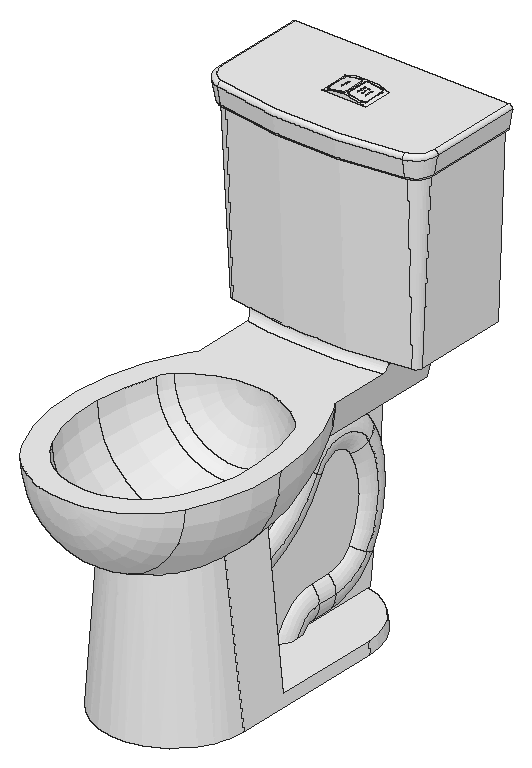
Revit family "Toilet_Elongated-Right_Height-American_Standard-Clean_Siphonic-3381.216", category Plumbing Fixtures, Revit 2014
Parameters (values of type "3381.216")
  Width = 15"
  Waste Connection Radius = 1"
  Waste Connection Diameter = Waste Connection Radius * 2  # 2"
  Waste Connection = yes
  Warranty Information = "5 Years Limited"
  WFU = 5
  Vent Connection = no
  URL = "http://www.americanstandard-us.com"
  Type Comments = ""
  Revised Date = "02/22/2017"
  Product Page URL = "https://www.americanstandard-us.com/bathroom/toilets/clean-dual-flush-right-height-elongated-1016-gpf-toilet-21837"
  Product Documentation Link = "https://www.americanstandard-us.com/-/media/sites/asus/files/product-specs/bulk/specsheet3381216.pdf?la=en"
  Price = "Prices may vary. Please consult Manufacturer Representative for most up-to-date price list."  # constant formula
  Model = "3381.216"
  Material = "Vitreous China-American Standard-020-White"
  Manufacturer = "American Standard"
  Length = 29 3/4"
  Installation Type = "Floor Mounted"
  Height = 31"
  HWFU = 0
  HW Connection = no
  Flush Rate = "(6.0 Lpf/1.6gpf) or (3.8 Lpf/1.0 gpf)"
  Description = "Clean Siphonic Dual Flush Right Height Elongated Complete Toilet"
  Default Elevation = 0"
  Creation Date = "12/11/2013"
  Cold Water Connection Radius = 1/4"
  Cold Water Connection Diameter = Cold Water Connection Radius * 2  # 1/2"
  CWFU = 5
  CW Connection = yes
  Bowl Shape = "Elongated"
  Assembly Code = "D2010110"
  Aquaguard Liner = yes
Types (3): name | Product Page URL | Product Documentation Link | Model | Height | Flush Rate | Description | Aquaguard Liner
  (no name) | "https://www.americanstandard-us.com/bathroom/toilets/clean-dual-flush-right-height-elongated-1016-gpf-toilet-21837" | "https://www.americanstandard-us.com/-/media/sites/asus/files/product-specs/bulk/specsheet3381216.pdf?la=en" | "3381.216" | 31" | "(6.0 Lpf/1.6gpf) or (3.8 Lpf/1.0 gpf)" | "Clean Siphonic Dual Flush Right Height Elongated Complete Toilet" | yes
  2887.218 | "https://www.americanstandard-us.com/bathroom/toilets/h2option-dual-flush-elongated-092128-gpf-toilet-24382" | "https://www.americanstandard-us.com/-/media/sites/asus/files/product-specs/bulk/specsheet2887218.pdf?la=en" | "2887.218" | 30" | "(4.8 Lpf/1.28gpf) or (3.4 Lpf/0.92 gpf)" | "H2Option Siphonic Dual Flush Elongated Toilet." | no
  3381.216 | "https://www.americanstandard-us.com/bathroom/toilets/clean-dual-flush-right-height-elongated-1016-gpf-toilet-21837" | "https://www.americanstandard-us.com/-/media/sites/asus/files/product-specs/bulk/specsheet3381216.pdf?la=en" | "3381.216" | 31" | "(6.0 Lpf/1.6gpf) or (3.8 Lpf/1.0 gpf)" | "Clean Siphonic Dual Flush Right Height Elongated Complete Toilet" | yes
Reference planes (in)
  plane 1 "Center (Front/Back)": y = 0
  plane 2: z = 0
  plane 3 "Center (Left/Right)": x = 0
  plane 4: y = -1
  plane 5: y = -12
  plane 6: y = -5
  plane 7: y = -25.25
  plane 8: z = 0.75
  plane 9: y = -9.5
  plane 10: x = 7.5
  plane 11: x = -7.5
  plane 12: x = 7
  plane 13: x = -7
  plane 14: x = -4.75
  plane 15: x = 4.75
  plane 16: z = 10
  plane 17: x = -6
  plane 18: y = -29.75
  plane 19: z = 16.5
  plane 20: z = 31
Forms (in)
  Sweep 1, solid, material "Vitreous China-American Standard-020-White"
    path origin (0, 0, 0) x (0, 1, 0) y (0, 0, 1)
      loop
        arc (-19.12544, 6.307) -> (-13.95239, 6.59667) -> (-10.15052, 10.11662) r 7.64958
        arc (-10.15052, 10.11662) -> (-7.97251, 11.46937) -> (-5.74427, 10.20109) r 2.50758
        arc (-5.74427, 10.20109) -> (-4.8907, 6.82422) -> (-5.88904, 3.48729) r 6.54943
        arc (-5.88904, 3.48729) -> (-7.04069, 2.39662) -> (-8.57645, 2) r 3.1716
        line (-8.57645, 2) -> (-10, 2)
        arc (-10, 2) -> (-11.41421, 1.41421) -> (-12, 0) r 2
        line (-12, 0) -> (-12, -0.03125)
    profile origin (0, -12, -0.01563) x (1, 0, 0) y (0, 1, 0)
      loop
        circle (0, 0) r 1.5
  Blend 2, solid, material "Vitreous China-American Standard-020-White"
    base sketch origin (0, 0.375, 0) x (1, 0, 0) y (0, 1, 0)
      loop
        line (-4.75, -17.375) -> (-4.75, -20.875)
        arc (-4.75, -20.875) -> (0, -25.625) -> (4.75, -20.875) r 4.75
        line (4.75, -20.875) -> (4.75, -17.375) -> (-4.75, -17.375)
    top sketch origin (0, 0.375, 0) x (1, 0, 0) y (0, 1, 0)
      loop
        arc (-3.75, -21.3125) -> (0, -25.0625) -> (3.75, -21.3125) r 3.75
        line (3.75, -21.3125) -> (3.75, -17.62103) -> (-3.75, -17.62103) -> (-3.75, -21.3125)
    from 0 to 11.25
  Sweep 3, solid, material "Vitreous China-American Standard-020-White"
    path origin (0, 0, 0) x (1, 0, 0) y (0, 1, 0)
      loop
        line (-4.75, -17.24603) -> (-4.75, -9.75)
        arc (-4.75, -9.75) -> (-3.35876, -6.39124) -> (0, -5) r 4.75
        arc (0, -5) -> (3.35876, -6.39124) -> (4.75, -9.75) r 4.75
        line (4.75, -9.75) -> (4.75, -17.24603)
    profile origin (-4.75, -13.49801, 0) x (-1, 0, 0) y (0, 0, 1)
      loop
        line (-0.06704, 0.75) -> (-0.81884, 0.75) -> (-0.81884, 0) -> (0, 0) -> (-0.06704, 0.75)
  Extrusion 4, solid, material "Vitreous China-American Standard-020-White"
    sketch origin (0, 0, 0) x (1, 0, 0) y (0, 1, 0)
      loop
        line (-3.93116, -9.75) -> (-3.93116, -17.24603) -> (3.93116, -17.24603) -> (3.93116, -9.75)
        arc (3.93116, -9.75) -> (2.77975, -6.97025) -> (0, -5.81884) r 3.93116
        arc (0, -5.81884) -> (-2.77975, -6.97025) -> (-3.93116, -9.75) r 3.93116
    from 0 to 0.75
  Extrusion 5, solid, material "Vitreous China-American Standard-020-White"
    sketch origin (-1, 0, 0) x (0, 1, 0) y (0, 0, 1)
      loop
        line (-3.96622, 16.5) -> (-9.5981, 16.5)
        arc (-9.5981, 16.5) -> (-13.24005, 11.93263) -> (-18.78964, 10.10871) r 10.21235
        line (-18.78964, 10.10871) -> (-18.78964, 0.75) -> (-5.06704, 0.75)
        arc (-5.06704, 0.75) -> (-4.12904, 8.59791) -> (-3.96622, 16.5) r 80.39055
    from 0 to 2
  Extrusion 6, solid
    sketch origin (0, 0, 0) x (1, 0, 0) y (0, 0, 1)
      loop
        circle (-6, 10) r 0.25
    from 0 to 0.03125
  Extrusion 7, solid, material "Vitreous China-American Standard-020-White"
    sketch origin (0, -4, -0.79474) x (1, 0, 0) y (0, 0, 1)
      loop
        line (-1.5, 31.5) -> (1.5, 31.5)
        arc (1.5, 31.5) -> (0, 31.75563) -> (-1.5, 31.5) r 4.52879
    from 0 to 2
  Extrusion 8, solid, material "Vitreous China-American Standard-020-White"
    sketch origin (0, 0, 30.77051) x (1, 0, 0) y (0, 1, 0)
      loop
        line (0.09613, -4.397) -> (0.09613, -5.63058)
        arc (0.09613, -5.63058) -> (0.15677, -5.77697) -> (0.30316, -5.83761) r 0.20703
        line (0.30316, -5.83761) -> (1.06097, -5.83761)
        arc (1.06097, -5.83761) -> (1.20737, -5.77697) -> (1.268, -5.63058) r 0.20703
        line (1.268, -5.63058) -> (1.268, -4.39554)
        arc (1.268, -4.39554) -> (1.20737, -4.24915) -> (1.06097, -4.18851) r 0.20703
        line (1.06097, -4.18851) -> (0.30462, -4.18851)
        arc (0.30462, -4.18851) -> (0.15719, -4.24957) -> (0.09613, -4.397) r 0.20849
      loop
        arc (-0.09613, -4.397) -> (-0.15719, -4.24957) -> (-0.30462, -4.18851) r 0.20849
        line (-0.30462, -4.18851) -> (-1.06097, -4.18851)
        arc (-1.06097, -4.18851) -> (-1.20737, -4.24915) -> (-1.268, -4.39554) r 0.20703
        line (-1.268, -4.39554) -> (-1.268, -5.63058)
        arc (-1.268, -5.63058) -> (-1.20737, -5.77697) -> (-1.06097, -5.83761) r 0.20703
        line (-1.06097, -5.83761) -> (-0.30316, -5.83761)
        arc (-0.30316, -5.83761) -> (-0.15677, -5.77697) -> (-0.09613, -5.63058) r 0.20703
        line (-0.09613, -5.63058) -> (-0.09613, -4.397)
      loop
        circle (-0.68207, -5) r 0.04688
      loop
        circle (-0.68207, -5.25) r 0.04688
      loop
        circle (-0.68207, -4.75) r 0.04688
      loop
        circle (0.68207, -5) r 0.04688
      loop
        circle (0.68207, -5.25) r 0.04688
      loop
        circle (0.68207, -4.75) r 0.04688
      loop
        circle (0.43207, -5) r 0.04688
      loop
        circle (0.43207, -5.25) r 0.04688
      loop
        circle (0.43207, -4.75) r 0.04688
      loop
        circle (0.93207, -5) r 0.04688
      loop
        circle (0.93207, -5.25) r 0.04688
      loop
        circle (0.93207, -4.75) r 0.04688
    from 0 to 0.22949
  Extrusion 9, void
    sketch origin (0, -4, -0.69703) x (1, 0, 0) y (0, 0, 1)
      loop
        arc (-1.5, 31.40548) -> (0.00022, 31.65982) -> (1.5, 31.40291) r 4.52879
        line (1.5, 31.40291) -> (1.5, 31.90229) -> (-1.5, 31.90229) -> (-1.5, 31.40548)
    from 0 to 2
  Revolve 10, solid, material "Vitreous China-American Standard-020-White"
    sketch origin (0, -56.62348, 16.5) x (-1, 0, 0) y (0, -1, 0)
      loop
        arc (-5.57617, -30.16841) -> (-6.71948, -33.24097) -> (-7, -36.50732) r 12.15415
        arc (-7, -36.50732) -> (-6.40061, -40.13217) -> (-4.99558, -43.52699) r 16.11172
        arc (-4.99558, -43.52699) -> (-2.89847, -45.67803) -> (0, -46.46783) r 5.7134
        line (0, -46.46783) -> (0, -42.90581)
        arc (0, -42.90581) -> (-2.23093, -42.49218) -> (-4.1667, -41.30856) r 6.2431
        arc (-4.1667, -41.30856) -> (-4.49736, -40.9258) -> (-4.72141, -40.47232) r 2
        arc (-4.72141, -40.47232) -> (-5.2545, -38.48023) -> (-5.50185, -36.43294) r 14.61172
        arc (-5.50185, -36.43294) -> (-5.3059, -33.80443) -> (-4.47065, -31.30447) r 10.65415
        arc (-4.47065, -31.30447) -> (-2.64394, -29.21857) -> (0, -28.38342) r 5.14561
        line (0, -28.38342) -> (0, -26.87348)
        arc (0, -26.87348) -> (-3.24899, -27.74093) -> (-5.57617, -30.16841) r 6.24072
      axis (0, -26.87348) -> (0, -46.46783)
    angle from 0 to 180
  Revolve 11, void
    sketch origin (0, 0, 16.5) x (1, 0, 0) y (0, 1, 0)
      loop
        arc (5.62685, -20.19054) -> (5.3795, -18.14325) -> (4.84641, -16.15117) r 14.61172
        arc (4.84641, -16.15117) -> (4.62236, -15.69769) -> (4.2917, -15.31492) r 2
        arc (4.2917, -15.31492) -> (2.29746, -14.10922) -> (0, -13.71884) r 6.2431
        line (0, -13.71884) -> (0, -28.24269)
        arc (0, -28.24269) -> (2.7164, -27.43879) -> (4.59565, -25.31902) r 5.14561
        arc (4.59565, -25.31902) -> (5.4309, -22.81905) -> (5.62685, -20.19054) r 10.65415
      axis (0, -13.71884) -> (0, -28.24269)
    angle from 0 to 180
  Blend 12, solid, material "Vitreous China-American Standard-020-White"
    base sketch origin (0, 0, 1) x (1, 0, 0) y (0, 1, 0)
      loop
        line (7, -1) -> (-7, -1) -> (-7, -7.36636)
        arc (-7, -7.36636) -> (-6.77746, -7.99529) -> (-6.20888, -8.3443) r 1
        arc (-6.20888, -8.3443) -> (0, -9) -> (6.20888, -8.3443) r 29.72414
        arc (6.20888, -8.3443) -> (6.77746, -7.99529) -> (7, -7.36636) r 1
        line (7, -7.36636) -> (7, -1)
    top sketch origin (0, 0, 1) x (1, 0, 0) y (0, 1, 0)
      loop
        line (6.5, -1) -> (-6.5, -1) -> (-6.5, -7.36636)
        arc (-6.5, -7.36636) -> (-6.38873, -7.68083) -> (-6.10444, -7.85533) r 0.5
        arc (-6.10444, -7.85533) -> (0, -8.5) -> (6.10444, -7.85533) r 29.22414
        arc (6.10444, -7.85533) -> (6.38873, -7.68083) -> (6.5, -7.36636) r 0.5
        line (6.5, -7.36636) -> (6.5, -1)
    from 28.10757 to 16.10941
  Extrusion 13, void
    sketch origin (0, 0, 31.89276) x (1, 0, 0) y (0, 1, 0)
      loop
        line (0.06488, -4.36575) -> (0.06488, -5.66183)
        arc (0.06488, -5.66183) -> (0.12552, -5.80822) -> (0.27191, -5.86886) r 0.20703
        line (0.27191, -5.86886) -> (1.09222, -5.86886)
        arc (1.09222, -5.86886) -> (1.23862, -5.80822) -> (1.29925, -5.66183) r 0.20703
        line (1.29925, -5.66183) -> (1.29925, -4.36429)
        arc (1.29925, -4.36429) -> (1.23862, -4.2179) -> (1.09222, -4.15726) r 0.20703
        line (1.09222, -4.15726) -> (0.27337, -4.15726)
        arc (0.27337, -4.15726) -> (0.12594, -4.21832) -> (0.06488, -4.36575) r 0.20849
      loop
        arc (-0.06488, -4.36575) -> (-0.12594, -4.21832) -> (-0.27337, -4.15726) r 0.20849
        line (-0.27337, -4.15726) -> (-1.09222, -4.15726)
        arc (-1.09222, -4.15726) -> (-1.23862, -4.2179) -> (-1.29925, -4.36429) r 0.20703
        line (-1.29925, -4.36429) -> (-1.29925, -5.66183)
        arc (-1.29925, -5.66183) -> (-1.23862, -5.80822) -> (-1.09222, -5.86886) r 0.20703
        line (-1.09222, -5.86886) -> (-0.27191, -5.86886)
        arc (-0.27191, -5.86886) -> (-0.12552, -5.80822) -> (-0.06488, -5.66183) r 0.20703
        line (-0.06488, -5.66183) -> (-0.06488, -4.36575)
    from -1.12225 to -0.89276
  Sweep 14, solid, material "Vitreous China-American Standard-020-White"
    path origin (0, 0, -0.29474) x (1, 0, 0) y (0, 1, 0)
      loop
        line (7.5, -1) -> (7.5, -7.36636)
        arc (7.5, -7.36636) -> (7.16619, -8.30976) -> (6.31333, -8.83327) r 1.5
        arc (6.31333, -8.83327) -> (0, -9.5) -> (-6.31333, -8.83327) r 30.22414
        arc (-6.31333, -8.83327) -> (-7.16619, -8.30976) -> (-7.5, -7.36636) r 1.5
        line (-7.5, -7.36636) -> (-7.5, -1)
    profile origin (-7.5, -4.18318, -0.29474) x (-1, 0, 0) y (0, 0, 1)
      loop
        line (-0.33866, 31) -> (-0.33866, 29.40232)
        arc (-0.33866, 29.40232) -> (-0.25832, 29.43156) -> (-0.21556, 29.50561) r 0.125
        line (-0.21556, 29.50561) -> (-0.0038, 30.70659)
        arc (-0.0038, 30.70659) -> (-0.05849, 30.9107) -> (-0.25, 31) r 0.25
        line (-0.25, 31) -> (-0.33866, 31)
  Extrusion 15, solid, material "Vitreous China-American Standard-020-White"
    sketch origin (0, 0, -0.29474) x (1, 0, 0) y (0, 1, 0)
      loop
        arc (-7.16134, -7.36636) -> (-6.90289, -8.09676) -> (-6.24258, -8.50208) r 1.16134
        arc (-6.24258, -8.50208) -> (0, -9.16134) -> (6.24258, -8.50208) r 29.88547
        arc (6.24258, -8.50208) -> (6.90289, -8.09676) -> (7.16134, -7.36636) r 1.16134
        line (7.16134, -7.36636) -> (7.16134, -1) -> (-7.16134, -1) -> (-7.16134, -7.36636)
    from 29.40232 to 31
  Extrusion 16, void
    sketch origin (0, 0, 0.5) x (1, 0, 0) y (0, 0, 1)
      loop
        line (-3.8125, 12.75) -> (-4.75, 16.5) -> (-4.75, 12.75) -> (-3.8125, 12.75)
      loop
        line (3.8125, 12.75) -> (4.75, 12.75) -> (4.75, 16.5) -> (3.8125, 12.75)
    from 4 to 13.35467
  Sweep 17, void
    path origin (0, 0, 0) x (1, 0, 0) y (0, 1, 0)
      loop
        arc (-5.09984, -8.30544) -> (0, -8.75) -> (5.09984, -8.30544) r 29.47414
    profile origin (0, -8.75, 0) x (0, 1, 0) y (0, 0, 1)
      loop
        line (0, 17.10941) -> (0, 16.5)
        arc (0, 16.5) -> (0.22409, 16.76883) -> (0.30471, 17.10941) r 0.76357
        line (0.30471, 17.10941) -> (0, 17.10941)
  Extrusion 18, solid, material "Vitreous China-American Standard-020-White"
    sketch origin (0, 0, 0) x (1, 0, 0) y (0, 1, 0)
      loop
        arc (-4.75, -13.35467) -> (0, -11.32412) -> (4.75, -13.35467) r 6.57103
        line (4.75, -13.35467) -> (4.75, -4) -> (1.5, -4)
        arc (1.5, -4) -> (0, -2.5) -> (-1.5, -4) r 1.5
        line (-1.5, -4) -> (-4.75, -4) -> (-4.75, -13.35467)
    from 14.25 to 16.5
  Extrusion 19, solid, material "Vitreous China-American Standard-020-White"
    sketch origin (0, 0, 0) x (1, 0, 0) y (0, 1, 0)
      loop
        line (-1.5, -4) -> (-4.75, -4) -> (-4.75, -8.36473)
        arc (-4.75, -8.36473) -> (0, -8.75) -> (4.75, -8.36473) r 29.47414
        line (4.75, -8.36473) -> (4.75, -4) -> (1.5, -4)
        arc (1.5, -4) -> (0, -2.5) -> (-1.5, -4) r 1.5
    from 16.5 to 17.10941
Cuts and joins
  Revolve 11 cuts Blend 2
  Revolve 11 cuts Extrusion 5
  Extrusion 13 cuts Extrusion 7
  Extrusion 9 cuts Extrusion 8
  Sweep 17 cuts Blend 12
  Extrusion 16 cuts Extrusion 18
  Extrusion 16, Sweep 17 cuts Extrusion 19
  joined: Sweep 1, Blend 2, Sweep 3, Extrusion 4, Extrusion 5, Extrusion 7, Extrusion 8, Revolve 10, Blend 12, Sweep 14, Extrusion 15, Extrusion 18, Extrusion 19
Lines and regions (in)
  Masking region 1
    outline origin (0, 0, 0) x (1, 0, 0) y (0, 1, 0)
      loop
        arc (0, -29.75) -> (3.24899, -28.88255) -> (5.57617, -26.45507) r 6.24072
        arc (5.57617, -26.45507) -> (6.71948, -23.38252) -> (7, -20.11617) r 12.15415
        arc (7, -20.11617) -> (6.33118, -16.25501) -> (4.75, -12.66951) r 16.11172
        line (4.75, -12.66951) -> (4.75, -9.12447) -> (6.35865, -8.82366)
        arc (6.35865, -8.82366) -> (7.1309, -8.34624) -> (7.4962, -7.51506) r 1.52872
        line (7.4962, -7.51506) -> (7.4962, -1) -> (-7.4962, -1) -> (-7.4962, -7.51506)
        arc (-7.4962, -7.51506) -> (-7.1309, -8.34624) -> (-6.35865, -8.82366) r 1.52872
        line (-6.35865, -8.82366) -> (-4.75, -9.12447) -> (-4.75, -12.66951)
        arc (-4.75, -12.66951) -> (-6.33118, -16.25501) -> (-7, -20.11617) r 16.11172
        arc (-7, -20.11617) -> (-6.71948, -23.38252) -> (-5.57617, -26.45507) r 12.15415
        arc (-5.57617, -26.45507) -> (-3.24899, -28.88255) -> (0, -29.75) r 6.24072
  symbolic lines, detail levels medium+fine
    curve 1: arc (4.15322, -15.30274, 0) -> (0, -13.71544, 0) -> (-4.15322, -15.30274, 0) r 6.22715
    curve 2: arc (-4.75, -9.12447, 0) -> (0, -9.5, 0) -> (4.75, -9.12447, 0) r 30.22894
    curve 3: line (-1.5, -4, 0) -> (1.5, -4, 0)
    curve 4: line (-1.5, -6, 0) -> (-1.5, -4, 0)
    curve 5: line (1.5, -6, 0) -> (-1.5, -6, 0)
    curve 6: line (1.5, -4, 0) -> (1.5, -6, 0)
    curve 35: arc (4.47065, -25.31902, 0) -> (2.64394, -27.40491, 0) -> (0, -28.24006, 0) r 5.14561
    curve 36: arc (0, -28.24006, 0) -> (-2.64394, -27.40491, 0) -> (-4.47065, -25.31902, 0) r 5.14561
    curve 37: arc (-4.47065, -25.31902, 0) -> (-5.3059, -22.81905, 0) -> (-5.50185, -20.19054, 0) r 10.65415
    curve 38: arc (-5.50185, -20.19054, 0) -> (-5.2545, -18.14325, 0) -> (-4.72141, -16.15117, 0) r 14.61172
    curve 39: arc (-4.72141, -16.15117, 0) -> (-4.49736, -15.69769, 0) -> (-4.1667, -15.31492, 0) r 2
    curve 40: arc (-4.1667, -15.31492, 0) -> (-2.23093, -14.1313, 0) -> (0, -13.71767, 0) r 6.2431
    curve 41: arc (0, -13.71767, 0) -> (2.23093, -14.1313, 0) -> (4.1667, -15.31492, 0) r 6.2431
    curve 42: arc (4.1667, -15.31492, 0) -> (4.49736, -15.69769, 0) -> (4.72141, -16.15117, 0) r 2
    curve 43: arc (4.72141, -16.15117, 0) -> (5.2545, -18.14325, 0) -> (5.50185, -20.19054, 0) r 14.61172
    curve 44: arc (5.50185, -20.19054, 0) -> (5.3059, -22.81905, 0) -> (4.47065, -25.31902, 0) r 10.65415
    curve 47: arc (4.375, -12.1945, 0) -> (4.56756, -12.42801, 0) -> (4.75, -12.66951, 0) r 7.10557
    curve 48: arc (-4.375, -12.1945, 0) -> (-4.56756, -12.42801, 0) -> (-4.75, -12.66951, 0) r 7.10557
  symbolic lines, detail levels fine
    curve 7: line (-1.29925, -4.36429, 0) -> (-1.29925, -5.66183, 0)
    curve 8: arc (-1.09222, -4.15726, 0) -> (-1.23862, -4.2179, 0) -> (-1.29925, -4.36429, 0) r 0.20703
    curve 9: line (-0.27337, -4.15726, 0) -> (-1.09222, -4.15726, 0)
    curve 10: arc (-0.06488, -4.36575, 0) -> (-0.12594, -4.21832, 0) -> (-0.27337, -4.15726, 0) r 0.20849
    curve 11: line (-0.06488, -5.66183, 0) -> (-0.06488, -4.36575, 0)
    curve 12: arc (-0.27191, -5.86886, 0) -> (-0.12552, -5.80822, 0) -> (-0.06488, -5.66183, 0) r 0.20703
    curve 13: line (-1.09222, -5.86886, 0) -> (-0.27191, -5.86886, 0)
    curve 14: arc (-1.29925, -5.66183, 0) -> (-1.23862, -5.80822, 0) -> (-1.09222, -5.86886, 0) r 0.20703
    curve 15: line (0.06488, -4.36575, 0) -> (0.06488, -5.66183, 0)
    curve 16: arc (0.06488, -5.66183, 0) -> (0.12552, -5.80822, 0) -> (0.27191, -5.86886, 0) r 0.20703
    curve 17: line (0.27191, -5.86886, 0) -> (1.09222, -5.86886, 0)
    curve 18: arc (1.09222, -5.86886, 0) -> (1.23862, -5.80822, 0) -> (1.29925, -5.66183, 0) r 0.20703
    curve 19: line (1.29925, -5.66183, 0) -> (1.29925, -4.36429, 0)
    curve 20: arc (1.29925, -4.36429, 0) -> (1.23862, -4.2179, 0) -> (1.09222, -4.15726, 0) r 0.20703
    curve 21: line (1.09222, -4.15726, 0) -> (0.27337, -4.15726, 0)
    curve 22: arc (0.27337, -4.15726, 0) -> (0.12594, -4.21832, 0) -> (0.06488, -4.36575, 0) r 0.20849
    curve 23: circle (-0.68207, -5, 0) r 0.04688 normal (0, 0, 1)
    curve 24: circle (-0.68207, -4.75, 0) r 0.04688 normal (0, 0, 1)
    curve 25: circle (-0.68207, -5.25, 0) r 0.04688 normal (0, 0, 1)
    curve 26: circle (0.43207, -5, 0) r 0.04688 normal (0, 0, 1)
    curve 27: circle (0.43207, -4.75, 0) r 0.04688 normal (0, 0, 1)
    curve 28: circle (0.43207, -5.25, 0) r 0.04688 normal (0, 0, 1)
    curve 29: circle (0.68207, -5, 0) r 0.04688 normal (0, 0, 1)
    curve 30: circle (0.68207, -4.75, 0) r 0.04688 normal (0, 0, 1)
    curve 31: circle (0.68207, -5.25, 0) r 0.04688 normal (0, 0, 1)
    curve 32: circle (0.93207, -5, 0) r 0.04688 normal (0, 0, 1)
    curve 33: circle (0.93207, -4.75, 0) r 0.04688 normal (0, 0, 1)
    curve 34: circle (0.93207, -5.25, 0) r 0.04688 normal (0, 0, 1)
    curve 45: line (4.375, -9.18173, 0) -> (4.375, -12.1945, 0)
    curve 46: line (-4.375, -12.1945, 0) -> (-4.375, -9.18173, 0)
Dimensions and locks (in)
  plane 4 to plane 9 = 8 1/2"
  plane 1 "Center (Front/Back)" to plane 4 = 1"
  plane 5 to plane 7 = 13 1/4"
  plane 6 to plane 5 = 7"
  plane 1 "Center (Front/Back)" to plane 5 = 12"
  "Width": plane 11 to plane 10
  locked: plane 16 to level at 10
  locked: plane 17 to plane 3 "Center (Left/Right)" at 6
  "Length": plane 1 "Center (Front/Back)" to plane 18
  plane 13 to plane 12 = 14"
  plane 19 to plane 2 = 16 1/2"
Automatic sketch dimensions
  curve 2 to plane 14 = 0"
  curve 48 to plane 14 = 0"
  plane 6 to curve 23 = 0"
  curve 41 to plane 3 "Center (Left/Right)" = 0"
  curve 2 to plane 3 "Center (Left/Right)" = 0"
  curve 36 to plane 3 "Center (Left/Right)" = 0"
  curve 1 to plane 3 "Center (Left/Right)" = 0"
  plane 6 to curve 26 = 0"
  plane 6 to curve 29 = 0"
  plane 6 to curve 32 = 0"
  curve 2 to plane 15 = 0"
  curve 47 to plane 15 = 0"
  plane 14 to curve 44 = 0.3892"
  plane 11 to curve 43 = 1.5919"
  plane 5 to curve 46 = 0.1945"
  curve 46 to plane 14 = 3/8"
  curve 39 to plane 14 = 1.91931"
  curve 3 to plane 3 "Center (Left/Right)" = 1 1/2"
  curve 4 to curve 7 = 0.20075"
  curve 8 to curve 8 = 53/256"
  curve 14 to curve 14 = 53/256"
  curve 47 to plane 3 "Center (Left/Right)" = 1.00954"
  plane 6 to curve 25 = 1/4"
  curve 14 to curve 25 = 105/256"
  curve 23 to curve 25 = 0"
  curve 24 to curve 23 = 0"
  curve 9 to plane 3 "Center (Left/Right)" = 0.27337"
  curve 13 to plane 3 "Center (Left/Right)" = 0.27191"
  curve 35 to plane 3 "Center (Left/Right)" = 0.1706"
  curve 11 to plane 3 "Center (Left/Right)" = 0.06488"
  curve 41 to plane 3 "Center (Left/Right)" = 0.00372"
  plane 3 "Center (Left/Right)" to curve 40 = 0.00372"
  plane 3 "Center (Left/Right)" to curve 15 = 0.06488"
  plane 3 "Center (Left/Right)" to curve 36 = 0.1706"
  plane 3 "Center (Left/Right)" to curve 17 = 0.27191"
  plane 3 "Center (Left/Right)" to curve 21 = 0.27337"
  plane 3 "Center (Left/Right)" to curve 26 = 0.43207"
  curve 28 to curve 26 = 0"
  curve 27 to curve 26 = 0"
  curve 27 to curve 30 = 1/4"
  curve 26 to curve 29 = 1/4"
  curve 31 to curve 29 = 0"
  curve 30 to curve 33 = 1/4"
  curve 29 to curve 32 = 1/4"
  curve 34 to curve 32 = 0"
  plane 3 "Center (Left/Right)" to curve 48 = 1.00954"
  curve 33 to curve 21 = 41/256"
  curve 34 to curve 18 = 41/256"
  curve 18 to curve 19 = 53/256"
  curve 18 to curve 6 = 0.20075"
  curve 48 to curve 42 = 1.82115"
  plane 5 to curve 45 = 0.1945"
  curve 45 to plane 15 = 3/8"
  plane 15 to curve 37 = 0.3892"
  plane 10 to curve 38 = 1.5919"
  plane 5 to curve 42 = 4.80323"
  plane 5 to curve 39 = 4.80323"
  curve 47 to curve 39 = 0.02762"
  curve 48 to curve 42 = 0.02762"
  curve 1 to curve 47 = 3.11173"
  curve 40 to curve 1 = 0.01818"
  curve 41 to curve 40 = 0"
  curve 37 to plane 7 = 4.53116"
  curve 44 to plane 7 = 4.53116"
  curve 43 to curve 44 = 0.19624"
  curve 38 to curve 37 = 0.19624"
  curve 36 to plane 7 = 2.15272"
  curve 35 to curve 36 = 0"
  plane 6 to curve 5 = 1"
  curve 4 to curve 13 = 0.13114"
  curve 5 to curve 17 = 0.13114"
  curve 34 to curve 32 = 1/4"
  curve 31 to curve 29 = 1/4"
  curve 28 to curve 26 = 1/4"
  curve 33 to plane 6 = 1/4"
  curve 24 to plane 6 = 1/4"
  curve 30 to curve 33 = 0"
  curve 27 to curve 30 = 0"
  curve 24 to curve 10 = 0.38425"
  curve 10 to curve 22 = 0"
  curve 19 to curve 6 = 0.36429"
  curve 2 to plane 1 "Center (Front/Back)" = 20.72894"
  curve 38 to plane 17 = 0.49815"
  curve 37 to curve 38 = 0"
  curve 39 to curve 38 = 0"
  curve 36 to curve 37 = 0"
  curve 40 to curve 39 = 0"
  curve 39 to curve 1 = 0.01349"
  curve 1 to curve 41 = 0.01349"
  curve 42 to curve 41 = 0"
  curve 44 to curve 35 = 0"
  curve 43 to curve 42 = 0"
  curve 41 to curve 1 = 0.01218"
  curve 45 to plane 9 = 0.31827"
  Sweep 1 sketch curve to level = 0"
  Sweep 1 sketch curve to plane 5 = 0"
  plane 5 to Sweep 1 sketch curve = 4.94132"
  Sweep 1 sketch curve to plane 5 = 0.5614"
  plane 9 to Sweep 1 sketch curve = 1/2"
  Sweep 1 sketch curve to plane 9 = 0.92355"
  Sweep 1 sketch curve to plane 16 = 1.03775"
  Sweep 1 sketch curve to plane 9 = 1.57555"
  Sweep 1 sketch curve to Sweep 1 sketch curve = 3.1716"
  Sweep 1 sketch curve to Sweep 1 sketch curve = 1.79382"
  Sweep 1 sketch curve to plane 19 = 2.86186"
  Sweep 1 sketch curve to plane 7 = 6.12456"
  plane 16 to Sweep 1 sketch curve = 0.11662"
  Sweep 1 sketch curve to Sweep 1 sketch curve = 0"  (x2)
  Sweep 1 sketch curve to Sweep 1 sketch curve = 1/32"
  Sweep 1 sketch curve to plane 3 "Center (Left/Right)" = 0"
  profile plane to Sweep 1 sketch curve = 0"
  Blend 2 sketch curve to plane 14 = 0"
  Blend 2 sketch curve to plane 3 "Center (Left/Right)" = 0"  (x2)
  Blend 2 sketch curve to plane 7 = 4 3/4"
  Blend 2 sketch curve to Blend 2 sketch curve = 3 1/2"
  Blend 2 sketch curve to plane 14 = 1"
  Blend 2 sketch curve to plane 7 = 4 5/16"
  Blend 2 sketch curve to Blend 2 sketch curve = 3.69147"
  Sweep 3 sketch curve to Sweep 3 sketch curve = 0"  (x2)
  Sweep 3 sketch curve to plane 14 = 0"
  Sweep 3 sketch curve to plane 3 "Center (Left/Right)" = 0"
  plane 6 to Sweep 3 sketch curve = 0"
  plane 5 to Sweep 3 sketch curve = 5.24603"  (x2)
  Sweep 3 sketch curve to level = 0"
  Sweep 3 sketch curve to profile plane = 0"
  profile plane to Sweep 3 sketch curve = 0.06704"
  profile plane to Sweep 3 sketch curve = 0.81884"
  Sweep 3 sketch curve to Sweep 3 sketch curve = 3/4"
  Extrusion 4 sketch curve to Extrusion 4 sketch curve = 0"  (x2)
  Extrusion 4 sketch curve to plane 3 "Center (Left/Right)" = 0"
  Extrusion 4 sketch curve to plane 14 = 0.81884"
  plane 5 to Extrusion 4 sketch curve = 5.24603"
  plane 9 to Extrusion 4 sketch curve = 1/4"
  Extrusion 6 sketch curve to plane 16 = 0"
  plane 17 to Extrusion 6 sketch curve = 0"
  plane 4 to Masking region 1 sketch curve = 0"
  Masking region 1 sketch curve to plane 13 = 0"  (x2)
  Masking region 1 sketch curve to plane 14 = 0"
  Masking region 1 sketch curve to plane 3 "Center (Left/Right)" = 0"
  Masking region 1 sketch curve to plane 15 = 0"
  Masking region 1 sketch curve to plane 12 = 0"  (x2)
  Masking region 1 sketch curve to plane 18 = 0"
  Masking region 1 sketch curve to plane 11 = 0.0038"
  plane 11 to Masking region 1 sketch curve = 1.5919"
  plane 17 to Masking region 1 sketch curve = 0.35865"
  Masking region 1 sketch curve to plane 17 = 0.02284"
  plane 14 to Masking region 1 sketch curve = 0.3892"
  Masking region 1 sketch curve to plane 3 "Center (Left/Right)" = 19/256"
  plane 3 "Center (Left/Right)" to Masking region 1 sketch curve = 19/256"
  plane 15 to Masking region 1 sketch curve = 0.3892"
  Masking region 1 sketch curve to plane 12 = 1.02284"
  Masking region 1 sketch curve to plane 12 = 0.64135"
  Masking region 1 sketch curve to plane 10 = 0.0038"
  plane 10 to Masking region 1 sketch curve = 1.5919"
  Masking region 1 sketch curve to plane 7 = 1.74028"
  Masking region 1 sketch curve to Masking region 1 sketch curve = 0"
  Masking region 1 sketch curve to plane 7 = 4.33492"  (x2)
  Masking region 1 sketch curve to Masking region 1 sketch curve = 0.19624"
  Masking region 1 sketch curve to Masking region 1 sketch curve = 0.60267"
  Masking region 1 sketch curve to plane 9 = 0.37553"  (x2)
  Masking region 1 sketch curve to plane 9 = 0.67634"  (x2)
  Masking region 1 sketch curve to Masking region 1 sketch curve = 1 79/256"  (x2)
  Extrusion 7 sketch curve to plane 3 "Center (Left/Right)" = 0"
  Extrusion 7 sketch curve to plane 20 = 0.29474"
  Extrusion 7 sketch curve to plane 3 "Center (Left/Right)" = 1 1/2"
  Extrusion 7 sketch curve to Extrusion 7 sketch curve = 4.27317"
  plane 6 to Extrusion 8 sketch curve = 0"  (x4)
  plane 6 to Extrusion 8 sketch curve = 0.63058"
  Extrusion 8 sketch curve to plane 3 "Center (Left/Right)" = 1.268"
  Extrusion 8 sketch curve to Extrusion 8 sketch curve = 53/256"  (x5)
  plane 6 to Extrusion 8 sketch curve = 1/4"
  Extrusion 8 sketch curve to Extrusion 8 sketch curve = 97/256"
  Extrusion 8 sketch curve to Extrusion 8 sketch curve = 0"  (x9)
  Extrusion 8 sketch curve to plane 3 "Center (Left/Right)" = 0.30462"
  Extrusion 8 sketch curve to plane 3 "Center (Left/Right)" = 0.30316"
  Extrusion 8 sketch curve to plane 3 "Center (Left/Right)" = 0.09613"
  plane 3 "Center (Left/Right)" to Extrusion 8 sketch curve = 0.09613"
  Extrusion 8 sketch curve to Extrusion 8 sketch curve = 0.20849"
  plane 3 "Center (Left/Right)" to Extrusion 8 sketch curve = 0.43207"
  Extrusion 8 sketch curve to Extrusion 8 sketch curve = 1/4"  (x7)
  Extrusion 8 sketch curve to Extrusion 8 sketch curve = 33/256"  (x2)
  Extrusion 8 sketch curve to plane 6 = 1/4"  (x2)
  Extrusion 8 sketch curve to Extrusion 8 sketch curve = 0.353"
  plane 20 to Extrusion 9 sketch curve = 0.20526"
  Extrusion 9 sketch curve to plane 3 "Center (Left/Right)" = 1 1/2"
  Extrusion 9 sketch curve to plane 3 "Center (Left/Right)" = 0.00367"
  plane 3 "Center (Left/Right)" to Extrusion 9 sketch curve = 1 1/2"
  Extrusion 9 sketch curve to plane 20 = 0.29155"
  Extrusion 9 sketch curve to Extrusion 9 sketch curve = 0.49938"
  Revolve 10 sketch curve to Revolve 10 sketch curve = 0"  (x7)
  Revolve 10 sketch curve to plane 12 = 0"  (x2)
  Revolve 10 sketch curve to plane 3 "Center (Left/Right)" = 0"  (x3)
  Revolve 10 sketch curve to plane 18 = 0"
  Revolve 10 sketch curve to plane 15 = 1.91931"
  plane 3 "Center (Left/Right)" to Revolve 10 sketch curve = 19/256"
  Revolve 10 sketch curve to plane 3 "Center (Left/Right)" = 0.00372"
  Revolve 10 sketch curve to plane 3 "Center (Left/Right)" = 0.1706"
  plane 14 to Revolve 10 sketch curve = 0.3892"
  plane 11 to Revolve 10 sketch curve = 1.5919"
  plane 18 to Revolve 10 sketch curve = 1.50994"
  Revolve 10 sketch curve to plane 7 = 1.74028"
  Revolve 10 sketch curve to Revolve 10 sketch curve = 0.41244"
  Revolve 10 sketch curve to plane 7 = 4.33492"
  Revolve 10 sketch curve to Revolve 10 sketch curve = 0.19624"
  Revolve 10 sketch curve to Revolve 10 sketch curve = 3.13651"
  Revolve 10 sketch curve to Revolve 10 sketch curve = 3.15753"
  Revolve 10 sketch curve to Revolve 10 sketch curve = 0.93418"
  plane 5 to Revolve 10 sketch curve = 1.71767"
  plane 9 to Revolve 10 sketch curve = 0.65565"
  plane 15 to Revolve 10 sketch curve = 0.75185"
  Revolve 10 sketch curve to plane 9 = 0.93394"
  Revolve 11 sketch curve to plane 3 "Center (Left/Right)" = 0"  (x2)
  Revolve 11 sketch curve to plane 3 "Center (Left/Right)" = 0.0456"
  plane 14 to Revolve 11 sketch curve = 0.2642"
  plane 11 to Revolve 11 sketch curve = 1.4669"
  plane 3 "Center (Left/Right)" to Revolve 11 sketch curve = 0.12128"
  Revolve 11 sketch curve to plane 15 = 1.79431"
  plane 18 to Revolve 11 sketch curve = 1.50731"
  Revolve 11 sketch curve to plane 7 = 2.15272"
  Revolve 11 sketch curve to plane 7 = 4.33492"
  Revolve 11 sketch curve to Revolve 11 sketch curve = 0.19624"
  Revolve 11 sketch curve to Revolve 11 sketch curve = 3.13651"
  Revolve 11 sketch curve to Revolve 11 sketch curve = 3.15753"
  plane 5 to Revolve 11 sketch curve = 1.71884"
  Revolve 11 sketch curve to Revolve 11 sketch curve = 0"  (x3)
  Revolve 11 sketch curve to plane 18 = 1 1/2"
  Revolve 11 sketch curve to Revolve 11 sketch curve = 0.74269"
  plane 4 to Blend 12 sketch curve = 0"  (x2)
  Blend 12 sketch curve to plane 13 = 0"
  Blend 12 sketch curve to plane 17 = 0"  (x2)
  Blend 12 sketch curve to plane 3 "Center (Left/Right)" = 0"  (x2)
  Blend 12 sketch curve to plane 12 = 0"
  Blend 12 sketch curve to Blend 12 sketch curve = 1"
  Blend 12 sketch curve to plane 9 = 2.13364"  (x4)
  Blend 12 sketch curve to plane 1 "Center (Front/Back)" = 20.72414"  (x2)
  Blend 12 sketch curve to Blend 12 sketch curve = 0"  (x2)
  Blend 12 sketch curve to plane 13 = 1/2"
  Blend 12 sketch curve to plane 12 = 1"
  Blend 12 sketch curve to plane 12 = 1/2"
  plane 6 to Extrusion 13 sketch curve = 0.66183"
  Extrusion 13 sketch curve to plane 3 "Center (Left/Right)" = 1.29925"
  Extrusion 13 sketch curve to Extrusion 13 sketch curve = 53/256"  (x4)
  Extrusion 13 sketch curve to plane 3 "Center (Left/Right)" = 0.27337"
  Extrusion 13 sketch curve to plane 3 "Center (Left/Right)" = 0.27191"
  Extrusion 13 sketch curve to plane 3 "Center (Left/Right)" = 0.06488"
  plane 3 "Center (Left/Right)" to Extrusion 13 sketch curve = 0.06488"
  plane 3 "Center (Left/Right)" to Extrusion 13 sketch curve = 0.27191"
  Extrusion 13 sketch curve to Extrusion 13 sketch curve = 0.20849"
  Extrusion 13 sketch curve to Extrusion 13 sketch curve = 0.81885"
  Extrusion 13 sketch curve to Extrusion 13 sketch curve = 105/128"
  Extrusion 13 sketch curve to plane 6 = 0.63425"
  Extrusion 13 sketch curve to Extrusion 13 sketch curve = 0"
  Sweep 14 sketch curve to plane 11 = 0"
  Sweep 14 sketch curve to plane 17 = 0"
  Sweep 14 sketch curve to plane 3 "Center (Left/Right)" = 0"
  Sweep 14 sketch curve to plane 10 = 0"
  plane 4 to Sweep 14 sketch curve = 0"  (x2)
  Sweep 14 sketch curve to plane 12 = 1"
  Sweep 14 sketch curve to plane 9 = 2.13364"  (x2)
  Sweep 14 sketch curve to plane 1 "Center (Front/Back)" = 20.72414"
  Sweep 14 sketch curve to Sweep 14 sketch curve = 0"
  profile plane to Sweep 14 sketch curve = 0.33866"
  profile plane to Sweep 14 sketch curve = 1/4"
  Sweep 14 sketch curve to Sweep 14 sketch curve = 0.1231"
  profile plane to Sweep 14 sketch curve = 0.0038"
  profile plane to Sweep 14 sketch curve = 29.40232"
  Sweep 14 sketch curve to Sweep 14 sketch curve = 0.10329"
  Sweep 14 sketch curve to Sweep 14 sketch curve = 1.20098"
  Sweep 14 sketch curve to Sweep 14 sketch curve = 0.04341"
  plane 4 to Extrusion 15 sketch curve = 0"
  Extrusion 15 sketch curve to plane 17 = 0"
  Extrusion 15 sketch curve to plane 3 "Center (Left/Right)" = 0"
  plane 13 to Extrusion 15 sketch curve = 0.16134"
  Extrusion 15 sketch curve to plane 12 = 1"
  plane 12 to Extrusion 15 sketch curve = 0.16134"
  Extrusion 15 sketch curve to plane 9 = 2.13364"  (x2)
  Extrusion 15 sketch curve to plane 1 "Center (Front/Back)" = 20.72414"
  Extrusion 15 sketch curve to Extrusion 15 sketch curve = 0"
  plane 14 to Extrusion 16 sketch curve = 0"
  Extrusion 16 sketch curve to plane 15 = 0"
  Extrusion 16 sketch curve to Extrusion 16 sketch curve = 15/16"  (x2)
  plane 16 to Extrusion 16 sketch curve = 3 1/4"  (x2)
  plane 19 to Extrusion 16 sketch curve = 1/2"  (x2)
  Sweep 17 sketch curve to plane 3 "Center (Left/Right)" = 0"
  Sweep 17 sketch curve to plane 1 "Center (Front/Back)" = 20.72414"
  plane 14 to Sweep 17 sketch curve = 0.34984"
  plane 15 to Sweep 17 sketch curve = 0.34984"
  Sweep 17 sketch curve to plane 9 = 1.19456"
  Sweep 17 sketch curve to profile plane = 0"
  profile plane to Sweep 17 sketch curve = 0.45886"
  Sweep 17 sketch curve to profile plane = 39/128"
  profile plane to Sweep 17 sketch curve = 16 1/2"
  Sweep 17 sketch curve to Sweep 17 sketch curve = 0.60941"
  Extrusion 18 sketch curve to plane 14 = 0"
  Extrusion 18 sketch curve to plane 3 "Center (Left/Right)" = 0"  (x2)
  Extrusion 18 sketch curve to plane 15 = 0"
  Extrusion 18 sketch curve to plane 3 "Center (Left/Right)" = 1 1/2"
  plane 5 to Extrusion 18 sketch curve = 5.89515"
  plane 5 to Extrusion 18 sketch curve = 1.35467"
  Extrusion 18 sketch curve to plane 6 = 1"
  Extrusion 19 sketch curve to plane 14 = 0"
  Extrusion 19 sketch curve to plane 3 "Center (Left/Right)" = 0"  (x2)
  Extrusion 19 sketch curve to plane 15 = 0"
  Extrusion 19 sketch curve to plane 3 "Center (Left/Right)" = 1 1/2"
  Extrusion 19 sketch curve to plane 9 = 1.13527"
  Extrusion 19 sketch curve to plane 6 = 1"
  Extrusion 19 sketch curve to plane 1 "Center (Front/Back)" = 20.72414"
  Extrusion 5 sketch curve to plane 8 = 0"
  Extrusion 5 sketch curve to plane 19 = 2.29697"
  Extrusion 5 sketch curve to plane 7 = 6.17978"
  Extrusion 5 sketch curve to plane 7 = 6.46036"
  Extrusion 5 sketch curve to plane 19 = 0"
  plane 9 to Extrusion 5 sketch curve = 0.0981"
  plane 16 to Extrusion 5 sketch curve = 0.10871"
  plane 6 to Extrusion 5 sketch curve = 0.06704"
  Extrusion 5 sketch curve to plane 6 = 1.03378"
  radius of curve 23 = 3/64"
  radius of curve 24 = 3/64"
  radius of curve 25 = 3/64"
  radius of curve 26 = 3/64"
  radius of curve 27 = 3/64"
  radius of curve 28 = 3/64"
  radius of curve 29 = 3/64"
  radius of curve 30 = 3/64"
  radius of curve 31 = 3/64"
  radius of curve 32 = 3/64"
  radius of curve 33 = 3/64"
  radius of curve 34 = 3/64"
  radius of Sweep 1 sketch curve = 1 1/2"
  radius of Extrusion 6 sketch curve = 1/4"
  radius of Extrusion 8 sketch curve = 3/64"  (x12)
Connectors (in)
  piping at (-6, 0, 10), diameter 0.5, driven by "Cold Water Connection Radius", driven by "CWFU"
    settings: on Extrusion 6, index 1, connector inside diameter 1/2", connector length 0", flow factor 0, pipe flow 0 GPM, pressure drop 0.00 psi, fitting loss kfactor 0, connector angle 0.00°, fixture units 5, engagement length 0", angle of deflection 0.00°, flow configuration 3, flow direction 1, fitting loss method 0, system type 20, joint type 0, gender type 0, connector reference index -1, connector utility 0, adjustable connector no, is connector primary yes, connector description "1/2\" CW Inlet Supply"
  piping at (0, -12, 0), diameter 2, driven by "WFU", driven by "Waste Connection Radius"
    settings: on cut or joined group of Sweep 1, Blend 2, Sweep 3, Extrusion 4, Extrusion 5, Extrusion 7, Extrusion 8, Extrusion 9, Revolve 10, Revolve 11, Blend 12, Extrusion 13, Sweep 14, Extrusion 15, Extrusion 16, Sweep 17, Extrusion 18, Extrusion 19, index 2, connector inside diameter 24", connector length 0", flow factor 0, pipe flow 0 GPM, pressure drop 0.00 psi, fitting loss kfactor 0, connector angle 0.00°, fixture units 5, engagement length 0", angle of deflection 0.00°, flow configuration 3, flow direction 2, fitting loss method 0, system type 16, joint type 0, gender type 0, connector reference index -1, connector utility 0, adjustable connector no, is connector primary no, connector description "2\" Waste Outlet"
